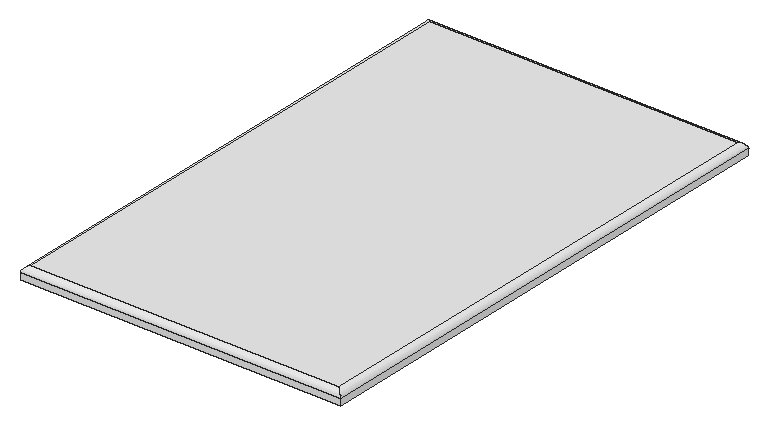
Revit family "2054910 Accessories_Sylvania_MC II-Trimless-End Cap", category Generic Models, Revit 2015
Parameters (values of type "MC2 TRIMLESS END CAP WHT")
  Width = 54.00 mm
  Weight = 0.50 kg
  URL = "http://www.feilosylvania.com/"
  Product Page URL = "http://www.feilosylvania.com/product/en-int/products/2054910"
  Product Family = "Mini Continuum II-Direct-Trimless-Accessories"  # constant formula
  Model = "MC2 TRIMLESS END CAP WHT"
  Manufacturer = "Feilo Sylvania"  # constant formula
  Height = 86.00 mm
  Description = "Mini Continuum II Trimlees End Cap"  # constant formula
  Catalog Number = "2054910 MC2 TRIMLESS END CAP WHT"
  End Cap = Metal_Sylvania_Mini Continuum II_White
  Default Elevation = 0.00 mm
Reference planes
  plane 1 "Center (Front/Back)": y = 0
  plane 2: z = 0
  plane 3 "Center (Left/Right)": x = 0
  plane 4: z = 2
  plane 5: x = 27
  plane 6: x = -27
  plane 7: y = 86
Forms (mm)
  Extrusion 1, solid, material "Metal_Sylvania_Mini Continuum II_White" <- "End Cap", detail levels fine
    sketch origin (0, 0, 0) x (1, 0, 0) y (0, 1, 0)
      loop
        line (27, 0) -> (27, 86) -> (-27, 86) -> (-27, 0) -> (27, 0)
    from 0 to 2
  Sweep 2, void, detail levels fine
    path in 3D
      loop
        line (-27, 0, 2) -> (27, 0, 2) -> (27, 86, 2) -> (-27, 86, 2) -> (-27, 0, 2)
    profile origin (-27, 43, 2) x (1, 0, 0) y (0, 0, 1)
      loop
        line (0, 0) -> (0, -1)
        arc (0, -1) -> (0.293, -0.293) -> (1, 0) r 1
        line (1, 0) -> (0, 0)
  Extrusion 3, solid, material "Metal_Sylvania_Mini Continuum II_White" <- "End Cap", detail levels coarse+medium
    sketch origin (0, 0, 0) x (1, 0, 0) y (0, 1, 0)
      loop
        line (27, 0) -> (27, 86) -> (-27, 86) -> (-27, 0) -> (27, 0)
    from 0 to 2
Cuts and joins
  Sweep 2 cuts Extrusion 1
Lines and regions (mm)
  sketch lines
    curve 1: line (-27, 86, 2) -> (-27, 0, 2)
    curve 2: line (27, 86, 2) -> (-27, 86, 2)
    curve 3: line (27, 0, 2) -> (27, 86, 2)
    curve 4: line (-27, 0, 2) -> (27, 0, 2)
Dimensions and locks
  equal spacing: plane 6, plane 3 "Center (Left/Right)", plane 5
  "Width": plane 6 to plane 5
  "Height": plane 7 to plane 1 "Center (Front/Back)"
  locked: plane 4 to plane 2 at 2
  aligned and locked: level to plane 2
  aligned and locked: Extrusion 1 to plane 2
  aligned and locked: plane 4 to Extrusion 1
  aligned and locked: Extrusion 1 sketch curve to plane 6
  aligned and locked: plane 1 "Center (Front/Back)" to Extrusion 1 sketch curve
  aligned and locked: plane 5 to Extrusion 1 sketch curve
  aligned and locked: plane 7 to Extrusion 1 sketch curve
  aligned and locked: Extrusion 3 sketch curve to plane 6
  aligned and locked: plane 5 to Extrusion 3 sketch curve
  aligned and locked: plane 1 "Center (Front/Back)" to Extrusion 3 sketch curve
  aligned and locked: plane 7 to Extrusion 3 sketch curve
Automatic sketch dimensions
  Sweep 2 sketch curve to profile plane = 0.00 mm
  profile plane to Sweep 2 sketch curve = 0.00 mm
  Sweep 2 sketch curve to profile plane = 1.00 mm
